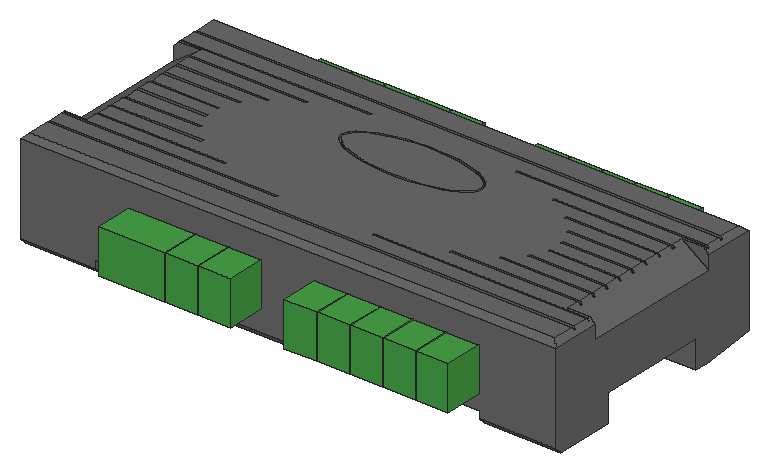
Revit family "EVRC-IP", category Устройства связи, Revit 2022
Family settings
  Размер круглого соединителя = Использовать диаметр
  Тип детали = Нормальный
  На основе рабочей плоскости = Да
  Всегда вертикально = Нет
  При загрузке вырезать с полостями = Нет
  Сохранять ориентацию аннотаций = Нет
  Общий = Да
  Точка принадлежности помещению = Нет
Parameters (values of type "EVRC-IP")
  Максимальное количество модулей в одной системе = "98"
  Относительная влажность хранения = "20%-90%"
  Температурный режим = "-40 – +70 C"
  Default Elevation = 0 mm
  Описание = "Модуль IP управления лифтом EVRC-IP - Контроллер предназначен для управления 16-ю каналами, путем подключения сухих контактов от EVRC-IP на контакты контроллеров автоматизации зданий.\r\n\r\nМодуль имеет поддержку питания по PoE и позволяет организовать доступ в помещения или кабину при вызове с вызывной панели, либо же при поднесении бесконтактной карты.\r\n\r\nУ модуля есть два интерфейса взаимодействия: RS-485 (опционально) и Ethernet. По этим интерфейсам модуль получает информацию о поднесенной карте или введенном коде, и исходя из этого выдает различные права доступа для использования жильцами.\r\n\r\nТакже к контроллеру можно подключить контакты от пожарной сигнализации для блокировки кабины в случае пожара.\r\n\r\nДанный контроллер может применяться в различных системах автоматизации зданий по усмотрению заказчика, например, в качестве контроллера управления лифтовым оборудованием"
  Габаритные размеры = "195.5×116×37 мм"
  Потребляемая мощность в режиме ожидания = "1 Ватт"
  Изображение типоразмера = <Нет>
  Изготовитель = "BAS-IP"
  Потребляемое напряжение = "PoE 802.3af"
  Группа модели = "Модуль IP управления лифтом EVRC-IP"
  Потребляемая мощность в работе = "7 Ватт"
  URL = "https://www.bas-ip.ru"
  Email разработчика семейства = "lytvynchukartur@gmail.com"
  BIM library = "https://bimlib.ru/manufacturer/"
  ADSK_Размер_Ширина = 116 mm
  ADSK_Размер_Толщина = 37 mm
  ADSK_Размер_Длина = 195.5 mm
  ADSK_Примечание = ""
  ADSK_Полная мощность = 7 VA  # constant formula
  ADSK_Позиция = ""
  ADSK_Обозначение = ""
  ADSK_Номинальная мощность = 7 W
  ADSK_Напряжение = 24 V
  ADSK_Наименование краткое = "EVRC-IP"
  ADSK_Наименование = "Модуль IP управления лифтом EVRC-IP"
  ADSK_Масса_Текст = ""
  ADSK_Марка = "EVRC-IP"
  ADSK_Коэффициент мощности = 1
  ADSK_Количество фаз = 1
  ADSK_Код изделия = ""
  ADSK_Классификация нагрузок = Модуль IP управления лифтом
  ADSK_Зона = ""
  ADSK_Завод-изготовитель = "BAS-IP"
  ADSK_Единица измерения = "шт"
  ADSK_Версия Revit = "Revit 2020"  # constant formula
  ADSK_URL страницы изделия = "https://www.bas-ip.ru/catalog/accessories/evrc-ip/"
  ADSK_URL документации изделия = "http://cdn.bas-ip.com/files/Manuals/EVRC-IP_manual.pdf"
Reference planes
  plane 1 "По центру (Вперед/Назад)": y = 0
  plane 2: z = 0
  plane 3 "По центру (Влево/Вправо)": x = 0
Forms (mm)
  Extrusion 1, solid, material "Материал черный", detail levels medium+fine
    sketch origin (858.615, -366.161, 74) x (1, 0, 0) y (0, 1, 0)
      loop
        line (-956.365, 410.161) -> (-956.365, 322.161) -> (-760.865, 322.161) -> (-760.865, 410.161) -> (-956.365, 410.161)
    from -74 to -37
  Sweep 2, void
    path in 3D
      loop
        line (97.75, 26, 37) -> (97.75, 44, 37) -> (-97.75, 44, 37) -> (-97.75, 26, 37)
    profile origin (0, 44, 37) x (0, -1, 0) y (0, 0, 1)
      loop
        line (0, 0) -> (0, -1.995) -> (1.995, 0) -> (0, 0)
  Sweep 3, void
    path in 3D
      loop
        line (97.75, -26, 37) -> (97.75, -44, 37) -> (-97.75, -44, 37) -> (-97.75, -26, 37)
    profile origin (0, -44, 37) x (0, -1, 0) y (0, 0, 1)
      loop
        line (0, 0) -> (-1.995, 0) -> (0, -1.995) -> (0, 0)
  Extrusion 4, void
    sketch origin (595.14, -44, 74) x (-1, 0, 0) y (0, 0, 1)
      loop
        line (692.89, -37) -> (682.89, -37) -> (692.89, -44) -> (692.89, -37)
    from 18 to 70
  Extrusion 5, void
    sketch origin (-595.14, -44, 74) x (1, 0, 0) y (0, 0, -1)
      loop
        line (692.89, 37) -> (692.89, 44) -> (682.89, 37) -> (692.89, 37)
    from 18 to 70
  Extrusion 6, void
    sketch origin (0, 0, 0) x (0, 1, 0) y (0, 0, 1)
      loop
        line (20, 5) -> (-20, 5) -> (-20, 0) -> (-41.5, 0) -> (-44, 2.5) -> (-44, -2.5) -> (44, -2.5) -> (44, 2.5) -> (25, 0) -> (20, 0) -> (20, 5)
    from -101.629 to 101.164
  Extrusion 7, void
    sketch origin (0, 0, 0) x (1, 0, 0) y (0, 0, 1)
      loop
        line (-45, 0) -> (-45, 5) -> (-70, 5) -> (-70, 0) -> (-45, 0)
    from -47.953 to 47.852
  Extrusion 8, void
    sketch origin (0, 0, 0) x (-1, 0, 0) y (0, 0, -1)
      loop
        line (-45, 0) -> (-70, 0) -> (-70, -5) -> (-45, -5) -> (-45, 0)
    from -47.953 to 47.852
  Extrusion 9, void
    sketch origin (595.14, -44, -32) x (-1, 0, 0) y (0, 0, 1)
      loop
        line (692.89, 37) -> (692.89, 42.169) -> (685.506, 37) -> (692.89, 37)
    from 24 to 64
  Extrusion 10, void
    sketch origin (-595.14, -44, -32) x (1, 0, 0) y (0, 0, -1)
      loop
        line (692.89, -37) -> (685.506, -37) -> (692.89, -42.169) -> (692.89, -37)
    from 24 to 64
  Extrusion 11, void
    sketch origin (-169.455, -658.947, 74) x (0, 1, 0) y (0, 0, 1)
      loop
        line (692.89, -37) -> (692.09, -37) -> (692.09, -37.8) -> (692.89, -37.8) -> (692.89, -37)
    from 64.414 to 274.395
  Extrusion 12, void
    sketch origin (-169.455, -665.447, 74) x (0, 1, 0) y (0, 0, 1)
      loop
        line (692.89, -37) -> (692.09, -37) -> (692.09, -37.8) -> (692.89, -37.8) -> (692.89, -37)
    from 64.414 to 142.883
  Extrusion 13, void
    sketch origin (-169.455, -671.543, 74) x (0, 1, 0) y (0, 0, 1)
      loop
        line (692.89, -37) -> (692.09, -37) -> (692.09, -37.8) -> (692.89, -37.8) -> (692.89, -37)
    from 64.414 to 124.455
  Extrusion 14, void
    sketch origin (-169.455, -677.543, 74) x (0, 1, 0) y (0, 0, 1)
      loop
        line (692.89, -37) -> (692.09, -37) -> (692.09, -37.8) -> (692.89, -37.8) -> (692.89, -37)
    from 64.414 to 115.166
  Extrusion 15, void
    sketch origin (-169.455, -683.543, 74) x (0, 1, 0) y (0, 0, 1)
      loop
        line (692.89, -37) -> (692.09, -37) -> (692.09, -37.8) -> (692.89, -37.8) -> (692.89, -37)
    from 64.414 to 109.523
  Extrusion 16, void
    sketch origin (-169.455, -689.543, 74) x (0, 1, 0) y (0, 0, 1)
      loop
        line (692.89, -37) -> (692.09, -37) -> (692.09, -37.8) -> (692.89, -37.8) -> (692.89, -37)
    from 64.414 to 106.845
  Extrusion 17, void
    sketch origin (-169.455, 677.543, 74) x (0, -1, 0) y (0, 0, -1)
      loop
        line (692.89, 37) -> (692.89, 37.8) -> (692.09, 37.8) -> (692.09, 37) -> (692.89, 37)
    from 64.414 to 115.166
  Extrusion 18, void
    sketch origin (-169.455, 683.543, 74) x (0, -1, 0) y (0, 0, -1)
      loop
        line (692.89, 37) -> (692.89, 37.8) -> (692.09, 37.8) -> (692.09, 37) -> (692.89, 37)
    from 64.414 to 109.523
  Extrusion 19, void
    sketch origin (-169.455, 689.543, 74) x (0, -1, 0) y (0, 0, -1)
      loop
        line (692.89, 37) -> (692.89, 37.8) -> (692.09, 37.8) -> (692.09, 37) -> (692.89, 37)
    from 64.414 to 106.845
  Extrusion 20, void
    sketch origin (-169.455, 671.543, 74) x (0, -1, 0) y (0, 0, -1)
      loop
        line (692.89, 37) -> (692.89, 37.8) -> (692.09, 37.8) -> (692.09, 37) -> (692.89, 37)
    from 64.414 to 128.325
  Extrusion 21, void
    sketch origin (-169.455, 658.947, 74) x (0, -1, 0) y (0, 0, -1)
      loop
        line (692.89, 37) -> (692.89, 37.8) -> (692.09, 37.8) -> (692.09, 37) -> (692.89, 37)
    from 64.414 to 274.395
  Extrusion 22, void
    sketch origin (-169.455, 665.447, 74) x (0, -1, 0) y (0, 0, -1)
      loop
        line (692.89, 37) -> (692.89, 37.8) -> (692.09, 37.8) -> (692.09, 37) -> (692.89, 37)
    from 64.414 to 151.876
  Extrusion 23, void
    sketch origin (169.455, -665.447, 74) x (0, 1, 0) y (0, 0, -1)
      loop
        line (692.89, 37) -> (692.89, 37.8) -> (692.09, 37.8) -> (692.09, 37) -> (692.89, 37)
    from 64.414 to 142.883
  Extrusion 24, void
    sketch origin (169.455, -671.543, 74) x (0, 1, 0) y (0, 0, -1)
      loop
        line (692.89, 37) -> (692.89, 37.8) -> (692.09, 37.8) -> (692.09, 37) -> (692.89, 37)
    from 64.414 to 124.455
  Extrusion 25, void
    sketch origin (169.455, -677.543, 74) x (0, 1, 0) y (0, 0, -1)
      loop
        line (692.89, 37) -> (692.89, 37.8) -> (692.09, 37.8) -> (692.09, 37) -> (692.89, 37)
    from 64.414 to 115.166
  Extrusion 26, void
    sketch origin (169.455, -683.543, 74) x (0, 1, 0) y (0, 0, -1)
      loop
        line (692.89, 37) -> (692.89, 37.8) -> (692.09, 37.8) -> (692.09, 37) -> (692.89, 37)
    from 64.414 to 109.523
  Extrusion 27, void
    sketch origin (169.455, -689.543, 74) x (0, 1, 0) y (0, 0, -1)
      loop
        line (692.89, 37) -> (692.89, 37.8) -> (692.09, 37.8) -> (692.09, 37) -> (692.89, 37)
    from 64.414 to 106.845
  Extrusion 28, void
    sketch origin (169.455, 677.543, 74) x (0, -1, 0) y (0, 0, 1)
      loop
        line (692.89, -37) -> (692.09, -37) -> (692.09, -37.8) -> (692.89, -37.8) -> (692.89, -37)
    from 64.414 to 115.166
  Extrusion 29, void
    sketch origin (169.455, 683.543, 74) x (0, -1, 0) y (0, 0, 1)
      loop
        line (692.89, -37) -> (692.09, -37) -> (692.09, -37.8) -> (692.89, -37.8) -> (692.89, -37)
    from 64.414 to 109.523
  Extrusion 30, void
    sketch origin (169.455, 689.543, 74) x (0, -1, 0) y (0, 0, 1)
      loop
        line (692.89, -37) -> (692.09, -37) -> (692.09, -37.8) -> (692.89, -37.8) -> (692.89, -37)
    from 64.414 to 106.845
  Extrusion 31, void
    sketch origin (169.455, 671.543, 74) x (0, -1, 0) y (0, 0, 1)
      loop
        line (692.89, -37) -> (692.09, -37) -> (692.09, -37.8) -> (692.89, -37.8) -> (692.89, -37)
    from 64.414 to 128.325
  Extrusion 32, void
    sketch origin (169.455, 665.447, 74) x (0, -1, 0) y (0, 0, 1)
      loop
        line (692.89, -37) -> (692.09, -37) -> (692.09, -37.8) -> (692.89, -37.8) -> (692.89, -37)
    from 64.414 to 151.876
  Sweep 33, void
    path origin (0, 0, 0) x (1, 0, 0) y (0, 1, 0)
      loop
        spline (-25.754, 12.805) -> (-24.877, 10.217) -> (-22.304, 7.805) -> (-18.211, 5.734) -> (-12.877, 4.145) -> (-6.666, 3.146) -> (0, 2.805) -> (6.666, 3.146) -> (12.877, 4.145) -> (18.211, 5.734) -> (22.304, 7.805) -> (24.877, 10.217) -> (25.754, 12.805)
        spline (25.754, 12.805) -> (24.877, 15.393) -> (22.304, 17.805) -> (18.211, 19.876) -> (12.877, 21.465) -> (6.666, 22.464) -> (0, 22.805) -> (-6.666, 22.464) -> (-12.877, 21.465) -> (-18.211, 19.876) -> (-22.304, 17.805) -> (-24.877, 15.393) -> (-25.754, 12.805)
    profile origin (0, 2.805, 0) x (0, 1, 0) y (0, 0, 1)
      loop
        line (0, 37) -> (0, 36.2) -> (0.8, 36.2) -> (0.8, 37) -> (0, 37)
  Blend 34, void
    base sketch origin (0, 0, 0) x (1, 0, 0) y (0, 1, 0)
      loop
        line (30, 15) -> (30, -15) -> (60, -15) -> (60, 15) -> (30, 15)
    top sketch origin (0, 0, 0) x (1, 0, 0) y (0, 1, 0)
      loop
        line (32.5, 12.5) -> (32.5, -12.5) -> (57.5, -12.5) -> (57.5, 12.5) -> (32.5, 12.5)
    from 5 to 9.015
  Extrusion 35, solid, material "Материал зеленый", not visible, detail levels medium+fine
    sketch origin (870.615, -278.161, 74) x (1, 0, 0) y (0, 1, 0)
      loop
        line (-928.365, 220.161) -> (-916.365, 220.161) -> (-916.365, 234.161) -> (-928.365, 234.161) -> (-928.365, 220.161)
    from -63.5 to -47.5
  Extrusion 36, solid, material "Материал зеленый", detail levels medium+fine
    sketch origin (882.615, -278.161, 74) x (1, 0, 0) y (0, 1, 0)
      loop
        line (-940.365, 220.161) -> (-916.365, 220.161) -> (-916.365, 234.161) -> (-940.365, 234.161) -> (-940.365, 220.161)
    from -63.5 to -47.5
  Extrusion 37, solid, material "Материал зеленый", detail levels medium+fine
    sketch origin (894.615, -278.161, 74) x (1, 0, 0) y (0, 1, 0)
      loop
        line (-928.365, 220.161) -> (-916.365, 220.161) -> (-916.365, 234.161) -> (-928.365, 234.161) -> (-928.365, 220.161)
    from -63.5 to -47.5
  Extrusion 38, solid, material "Материал зеленый", detail levels medium+fine
    sketch origin (906.615, -278.161, 74) x (1, 0, 0) y (0, 1, 0)
      loop
        line (-928.365, 220.161) -> (-916.365, 220.161) -> (-916.365, 234.161) -> (-928.365, 234.161) -> (-928.365, 220.161)
    from -63.5 to -47.5
  Extrusion 39, solid, material "Материал зеленый", detail levels medium+fine
    sketch origin (950.115, -278.161, 74) x (1, 0, 0) y (0, 1, 0)
      loop
        line (-928.365, 220.161) -> (-916.365, 220.161) -> (-916.365, 234.161) -> (-928.365, 234.161) -> (-928.365, 220.161)
    from -63.5 to -47.5
  Extrusion 40, solid, material "Материал зеленый", detail levels medium+fine
    sketch origin (962.115, -278.161, 74) x (1, 0, 0) y (0, 1, 0)
      loop
        line (-928.365, 220.161) -> (-916.365, 220.161) -> (-916.365, 234.161) -> (-928.365, 234.161) -> (-928.365, 220.161)
    from -63.5 to -47.5
  Extrusion 41, solid, material "Материал зеленый", detail levels medium+fine
    sketch origin (974.115, -278.161, 74) x (1, 0, 0) y (0, 1, 0)
      loop
        line (-928.365, 220.161) -> (-916.365, 220.161) -> (-916.365, 234.161) -> (-928.365, 234.161) -> (-928.365, 220.161)
    from -63.5 to -47.5
  Extrusion 42, solid, material "Материал зеленый", detail levels medium+fine
    sketch origin (986.115, -278.161, 74) x (1, 0, 0) y (0, 1, 0)
      loop
        line (-928.365, 220.161) -> (-916.365, 220.161) -> (-916.365, 234.161) -> (-928.365, 234.161) -> (-928.365, 220.161)
    from -63.5 to -47.5
  Extrusion 43, solid, material "Материал зеленый", detail levels medium+fine
    sketch origin (938.115, -278.161, 74) x (1, 0, 0) y (0, 1, 0)
      loop
        line (-928.365, 220.161) -> (-916.365, 220.161) -> (-916.365, 234.161) -> (-928.365, 234.161) -> (-928.365, 220.161)
    from -63.5 to -47.5
  Extrusion 44, solid, material "Материал зеленый", detail levels medium+fine
    sketch origin (950.115, -176.161, 74) x (1, 0, 0) y (0, 1, 0)
      loop
        line (-928.365, 220.161) -> (-916.365, 220.161) -> (-916.365, 234.161) -> (-928.365, 234.161) -> (-928.365, 220.161)
    from -63.5 to -47.5
  Extrusion 45, solid, material "Материал зеленый", detail levels medium+fine
    sketch origin (962.115, -176.161, 74) x (1, 0, 0) y (0, 1, 0)
      loop
        line (-928.365, 220.161) -> (-916.365, 220.161) -> (-916.365, 234.161) -> (-928.365, 234.161) -> (-928.365, 220.161)
    from -63.5 to -47.5
  Extrusion 46, solid, material "Материал зеленый", detail levels medium+fine
    sketch origin (974.115, -176.161, 74) x (1, 0, 0) y (0, 1, 0)
      loop
        line (-928.365, 220.161) -> (-916.365, 220.161) -> (-916.365, 234.161) -> (-928.365, 234.161) -> (-928.365, 220.161)
    from -63.5 to -47.5
  Extrusion 47, solid, material "Материал зеленый", detail levels medium+fine
    sketch origin (986.115, -176.161, 74) x (1, 0, 0) y (0, 1, 0)
      loop
        line (-928.365, 220.161) -> (-916.365, 220.161) -> (-916.365, 234.161) -> (-928.365, 234.161) -> (-928.365, 220.161)
    from -63.5 to -47.5
  Extrusion 48, solid, material "Материал зеленый", detail levels medium+fine
    sketch origin (938.115, -176.161, 74) x (1, 0, 0) y (0, 1, 0)
      loop
        line (-928.365, 220.161) -> (-916.365, 220.161) -> (-916.365, 234.161) -> (-928.365, 234.161) -> (-928.365, 220.161)
    from -63.5 to -47.5
  Extrusion 49, solid, material "Материал зеленый", detail levels medium+fine
    sketch origin (870.615, -176.161, 74) x (1, 0, 0) y (0, 1, 0)
      loop
        line (-928.365, 220.161) -> (-916.365, 220.161) -> (-916.365, 234.161) -> (-928.365, 234.161) -> (-928.365, 220.161)
    from -63.5 to -47.5
  Extrusion 50, solid, material "Материал зеленый", detail levels medium+fine
    sketch origin (882.615, -176.161, 74) x (1, 0, 0) y (0, 1, 0)
      loop
        line (-928.365, 220.161) -> (-916.365, 220.161) -> (-916.365, 234.161) -> (-928.365, 234.161) -> (-928.365, 220.161)
    from -63.5 to -47.5
  Extrusion 51, solid, material "Материал зеленый", detail levels medium+fine
    sketch origin (894.615, -176.161, 74) x (1, 0, 0) y (0, 1, 0)
      loop
        line (-928.365, 220.161) -> (-916.365, 220.161) -> (-916.365, 234.161) -> (-928.365, 234.161) -> (-928.365, 220.161)
    from -63.5 to -47.5
  Extrusion 52, solid, material "Материал зеленый", detail levels medium+fine
    sketch origin (906.615, -176.161, 74) x (1, 0, 0) y (0, 1, 0)
      loop
        line (-928.365, 220.161) -> (-916.365, 220.161) -> (-916.365, 234.161) -> (-928.365, 234.161) -> (-928.365, 220.161)
    from -63.5 to -47.5
  Extrusion 53, solid, material "Материал зеленый", detail levels medium+fine
    sketch origin (858.615, -176.161, 74) x (1, 0, 0) y (0, 1, 0)
      loop
        line (-928.365, 220.161) -> (-916.365, 220.161) -> (-916.365, 234.161) -> (-928.365, 234.161) -> (-928.365, 220.161)
    from -63.5 to -47.5
Cuts and joins
  Sweep 2, Sweep 3, Extrusion 4, Extrusion 5, Extrusion 6, Extrusion 7, Extrusion 8, Extrusion 9, Extrusion 10, Extrusion 11, Extrusion 12, Extrusion 13, Extrusion 14, Extrusion 15, Extrusion 16, Extrusion 17, Extrusion 18, Extrusion 19, Extrusion 20, Extrusion 21, Extrusion 22, Extrusion 23, Extrusion 24, Extrusion 25, Extrusion 26, Extrusion 27, Extrusion 28, Extrusion 29, Extrusion 30, Extrusion 31, Extrusion 32, Sweep 33, Blend 34 cuts Extrusion 1
Lines and regions (mm)
  sketch lines
    curve 1: line (97.75, 44, 37) -> (-97.75, 44, 37)
    curve 2: line (-97.75, 26, 37) -> (-97.75, 44, 37)
    curve 3: line (97.75, 44, 37) -> (97.75, 26, 37)
    curve 4: line (97.75, -44, 37) -> (-97.75, -44, 37)
    curve 5: line (-97.75, -26, 37) -> (-97.75, -44, 37)
    curve 6: line (97.75, -44, 37) -> (97.75, -26, 37)
Dimensions and locks
  aligned and locked: level to plane 2
Connectors
  electrical at (0, 0, 5)
    settings: on cut or joined group of Extrusion 1, Sweep 2, Sweep 3, Extrusion 4, Extrusion 5, Extrusion 6, Extrusion 7, Extrusion 8, Extrusion 9, Extrusion 10, Extrusion 11, Extrusion 12, Extrusion 13, Extrusion 14, Extrusion 15, Extrusion 16, Extrusion 17, Extrusion 18, Extrusion 19, Extrusion 20, Extrusion 21, Extrusion 22, Extrusion 23, Extrusion 24, Extrusion 25, Extrusion 26, Extrusion 27, Extrusion 28, Extrusion 29, Extrusion 30, Extrusion 31, Extrusion 32, Sweep 33, Blend 34, index 1, voltage 24 V, apparent load 7 VA, apparent load phase1 7 VA, apparent load phase2 0 VA, apparent load phase3 0 VA, power factor 1, load classification "Модуль IP управления лифтом", number of poles 1, system type 30, power factor state 1, is connector primary yes, connector utility no, sub classification motor no, connector description "Блок питания на +24 Вольт, 2 Ампера, если PoE нет"
  electrical at (-20, 0, 5)
    settings: on Extrusion 6, index 2, voltage 0 V, apparent load 0 VA, apparent load phase1 0 VA, apparent load phase2 0 VA, apparent load phase3 0 VA, power factor 1, load classification "Прочее", number of poles 1, system type 5, power factor state 1, is connector primary no, connector utility no, sub classification motor no, connector description "Кабель Ethernet UTP CAT5 или выше, подключенный к PoE коммутатору или к обычному коммутатору/маршрутизатору."
  electrical at (20, 0, 5)
    settings: on Extrusion 6, index 3, voltage 0 V, apparent load 0 VA, apparent load phase1 0 VA, apparent load phase2 0 VA, apparent load phase3 0 VA, power factor 1, load classification "Прочее", number of poles 1, system type 13, power factor state 1, is connector primary no, connector utility no, sub classification motor no, connector description ""
